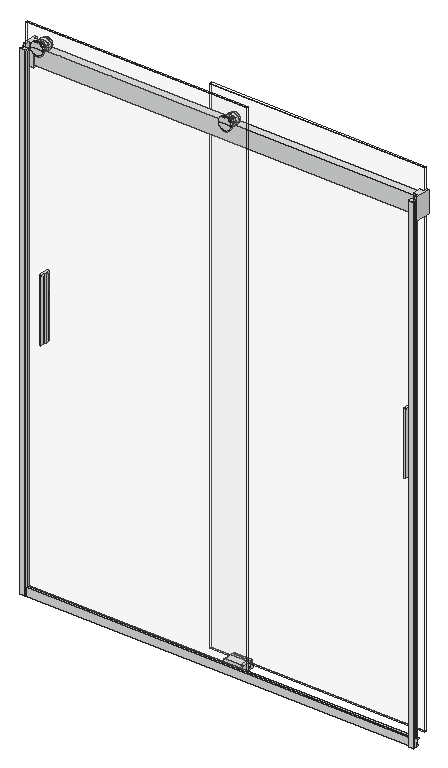
Revit family "Shower-Shower_Door-KOHLER-Levity-K-706012_1", category Specialty Equipment, host Face, Revit 2017 (continued)
Definition of nested family "K-706012"
  Automatic sketch dimensions
    Extrusion 8 sketch curve to Extrusion 8 sketch curve = 0.02007"
    Extrusion 8 sketch curve to plane 1 "Center (Front/Back)" = 1.53964"
    Extrusion 8 sketch curve to Extrusion 8 sketch curve = 0.0554"  (x2)
    Extrusion 8 sketch curve to plane 1 "Center (Front/Back)" = 0.16876"
    Extrusion 8 sketch curve to Extrusion 8 sketch curve = 0.05592"  (x2)
    Extrusion 8 sketch curve to Extrusion 8 sketch curve = 0.02714"  (x3)
    Extrusion 8 sketch curve to Extrusion 8 sketch curve = 0.02951"  (x2)
    Extrusion 8 sketch curve to Extrusion 8 sketch curve = 0.20353"  (x2)
    Extrusion 8 sketch curve to Extrusion 8 sketch curve = 0.20943"
    Extrusion 8 sketch curve to plane 1 "Center (Front/Back)" = 0.16817"
    Extrusion 8 sketch curve to Extrusion 8 sketch curve = 0.02647"
    Extrusion 8 sketch curve to plane 1 "Center (Front/Back)" = 1.53857"
    Extrusion 8 sketch curve to Extrusion 8 sketch curve = 0.03072"  (x2)
    Extrusion 8 sketch curve to Extrusion 8 sketch curve = 0.33508"  (x2)
    Extrusion 8 sketch curve to Extrusion 8 sketch curve = 0.33527"  (x2)
    Extrusion 8 sketch curve to plane 1 "Center (Front/Back)" = 0.62285"
    Extrusion 8 sketch curve to Extrusion 8 sketch curve = 0.01938"  (x2)
    Extrusion 8 sketch curve to plane 1 "Center (Front/Back)" = 1.08746"
    Extrusion 8 sketch curve to Extrusion 8 sketch curve = 0.01921"  (x2)
    plane 7 to Extrusion 8 sketch curve = 2.97884"
    Extrusion 8 sketch curve to Extrusion 8 sketch curve = 0.00211"
    Extrusion 8 sketch curve to Extrusion 8 sketch curve = 0.20883"
    Extrusion 8 sketch curve to plane 1 "Center (Front/Back)" = 1.97861"
    Extrusion 8 sketch curve to Extrusion 8 sketch curve = 0.02401"  (x3)
    Extrusion 8 sketch curve to Extrusion 8 sketch curve = 0.00238"  (x2)
    Extrusion 8 sketch curve to Extrusion 8 sketch curve = 0.00224"  (x2)
    Extrusion 8 sketch curve to Extrusion 8 sketch curve = 0.02268"
    Extrusion 8 sketch curve to Extrusion 8 sketch curve = 0.02171"
    Extrusion 8 sketch curve to Extrusion 8 sketch curve = 0.00377"  (x2)
    Extrusion 8 sketch curve to Extrusion 8 sketch curve = 0.45409"
    Extrusion 8 sketch curve to Extrusion 8 sketch curve = 0.00131"
    Extrusion 8 sketch curve to Extrusion 8 sketch curve = 0.42112"
    Extrusion 8 sketch curve to Extrusion 8 sketch curve = 0"
    Extrusion 8 sketch curve to Extrusion 8 sketch curve = 0.01935"
    Extrusion 8 sketch curve to Extrusion 8 sketch curve = 0.02022"
    Extrusion 8 sketch curve to Extrusion 8 sketch curve = 0.44969"
    Extrusion 8 sketch curve to Extrusion 8 sketch curve = 0.00122"
    plane 6 to Masking region 1 sketch curve = 0"
    Masking region 1 sketch curve to plane 12 = 0"
    Masking region 1 sketch curve to level = 0"
    Masking region 1 sketch curve to plane 6 = 0.32006"
    Masking region 1 sketch curve to Masking region 1 sketch curve = 0.31794"
    plane 13 to Masking region 1 sketch curve = 2.546"  (x2)
    Masking region 3 sketch curve to plane 6 = 0"  (x3)
    Masking region 3 sketch curve to plane 11 = 0"
    Masking region 3 sketch curve to Masking region 3 sketch curve = 0.20106"
    Masking region 3 sketch curve to plane 6 = 0.32006"  (x2)
    Masking region 3 sketch curve to Masking region 3 sketch curve = 0.119"
    Masking region 3 sketch curve to plane 1 "Center (Front/Back)" = 0.00143"
    Masking region 3 sketch curve to Masking region 3 sketch curve = 0.45878"
    Masking region 3 sketch curve to Masking region 3 sketch curve = 0.00281"
    Masking region 3 sketch curve to Masking region 3 sketch curve = 0.10717"
    Masking region 3 sketch curve to Masking region 3 sketch curve = 0.67"  (x3)
    Masking region 3 sketch curve to Masking region 3 sketch curve = 0.61675"
    Masking region 3 sketch curve to Masking region 3 sketch curve = 0.16769"
    Masking region 3 sketch curve to plane 1 "Center (Front/Back)" = 1.29143"
    Masking region 3 sketch curve to Masking region 3 sketch curve = 1.20786"
    Masking region 3 sketch curve to plane 1 "Center (Front/Back)" = 1.24575"
    Masking region 3 sketch curve to Masking region 3 sketch curve = 0.00561"
    Masking region 3 sketch curve to Masking region 3 sketch curve = 0.04536"
    plane 3 "Center (Left/Right)" to Masking region 3 sketch curve = 0.98"
    Masking region 3 sketch curve to plane 9 = 0.1928"
    Masking region 3 sketch curve to Masking region 3 sketch curve = 0.0402"  (x6)
    plane 9 to Masking region 3 sketch curve = 0.0313"
    plane 9 to Masking region 3 sketch curve = 0.08336"
    Masking region 3 sketch curve to Masking region 3 sketch curve = 0.16302"
    Masking region 3 sketch curve to Masking region 3 sketch curve = 1.10411"
    Masking region 3 sketch curve to Masking region 3 sketch curve = 0.10732"
    Masking region 3 sketch curve to Masking region 3 sketch curve = 0.15938"
    Masking region 3 sketch curve to Masking region 3 sketch curve = 0.34112"
    Masking region 3 sketch curve to Masking region 3 sketch curve = 0.23381"
    Masking region 3 sketch curve to Masking region 3 sketch curve = 0.18175"
    Masking region 3 sketch curve to Masking region 3 sketch curve = 0.00215"  (x2)
    Masking region 3 sketch curve to plane 11 = 1.11394"
    Masking region 3 sketch curve to plane 11 = 1.11044"
    Masking region 3 sketch curve to Masking region 3 sketch curve = 0"
    Masking region 3 sketch curve to Masking region 3 sketch curve = 2.24077"
    Masking region 3 sketch curve to Masking region 3 sketch curve = 0.02082"  (x2)
    Masking region 3 sketch curve to Masking region 3 sketch curve = 0.02593"  (x2)
    Masking region 3 sketch curve to Masking region 3 sketch curve = 0.2126"
    Masking region 3 sketch curve to Masking region 3 sketch curve = 0.04246"
    Masking region 3 sketch curve to Masking region 3 sketch curve = 0.64136"
    Masking region 3 sketch curve to Masking region 3 sketch curve = 0.05119"
    Masking region 3 sketch curve to Masking region 3 sketch curve = 0.24936"
    Masking region 3 sketch curve to Masking region 3 sketch curve = 0.00511"
    Masking region 3 sketch curve to plane 1 "Center (Front/Back)" = 0.00074"
    plane 7 to Masking region 3 sketch curve = 0.31794"
    Masking region 3 sketch curve to plane 1 "Center (Front/Back)" = 0.01796"
    Masking region 3 sketch curve to plane 1 "Center (Front/Back)" = 0.01871"
    Masking region 3 sketch curve to plane 1 "Center (Front/Back)" = 0.11355"
    Masking region 3 sketch curve to Masking region 3 sketch curve = 0.05498"
    Masking region 3 sketch curve to Masking region 3 sketch curve = 0.41"
    Masking region 3 sketch curve to Masking region 3 sketch curve = 0.09484"
    Masking region 3 sketch curve to Masking region 3 sketch curve = 0.10322"
    Masking region 3 sketch curve to Masking region 3 sketch curve = 0.05201"
    Masking region 3 sketch curve to Masking region 3 sketch curve = 0.04922"
    Masking region 3 sketch curve to plane 1 "Center (Front/Back)" = 0.87188"
    Masking region 3 sketch curve to plane 1 "Center (Front/Back)" = 1.04575"
    Masking region 3 sketch curve to Masking region 3 sketch curve = 0.2"  (x2)
    Masking region 3 sketch curve to Masking region 3 sketch curve = 0.36975"
    Masking region 3 sketch curve to Masking region 3 sketch curve = 0.15068"
    Masking region 3 sketch curve to Masking region 3 sketch curve = 0.16238"
    Masking region 3 sketch curve to Masking region 3 sketch curve = 0.08784"
    Masking region 3 sketch curve to Masking region 3 sketch curve = 0.04568"
    Masking region 3 sketch curve to Masking region 3 sketch curve = 0.24517"  (x4)
    Masking region 3 sketch curve to Masking region 3 sketch curve = 0.938"  (x2)
    Masking region 3 sketch curve to Masking region 3 sketch curve = 0.04517"  (x2)
    Masking region 3 sketch curve to Masking region 3 sketch curve = 0.10331"
    Masking region 3 sketch curve to Masking region 3 sketch curve = 0.01169"
    Masking region 3 sketch curve to Masking region 3 sketch curve = 0.37043"
    Masking region 3 sketch curve to Masking region 3 sketch curve = 0.00559"
    Masking region 3 sketch curve to Masking region 3 sketch curve = 0.381"  (x3)
    Masking region 3 sketch curve to Masking region 3 sketch curve = 0.25162"
    Masking region 3 sketch curve to Masking region 3 sketch curve = 0.293"  (x3)
    Masking region 3 sketch curve to Masking region 3 sketch curve = 0.04138"
    Masking region 3 sketch curve to Masking region 3 sketch curve = 0.02973"  (x2)
    Masking region 3 sketch curve to Masking region 3 sketch curve = 0.1266"  (x2)
    Masking region 3 sketch curve to Masking region 3 sketch curve = 0.15134"  (x2)
    curve 80 to plane 11 = 0"
    curve 90 to plane 7 = 0"
    curve 89 to plane 7 = 0"
    curve 95 to plane 7 = 0"
    curve 136 to plane 11 = 1.11289"
    curve 134 to curve 136 = 0.25968"
    curve 129 to curve 134 = 0"
    curve 148 to plane 1 "Center (Front/Back)" = 0.2049"
    curve 148 to plane 11 = 1.8051"
    curve 143 to curve 144 = 0.04016"
    curve 140 to curve 134 = 0.62451"
    curve 141 to curve 140 = 0"
    curve 157 to curve 160 = 0.02033"
    curve 157 to curve 139 = 0.00473"
    curve 166 to curve 160 = 0.03207"
    curve 158 to curve 157 = 0.04916"
    curve 160 to curve 140 = 0.25131"
    curve 159 to curve 160 = 1.00075"
    curve 138 to curve 159 = 0.16563"
    curve 142 to curve 159 = 0.20652"
    curve 155 to curve 156 = 0.05088"
    curve 139 to curve 155 = 0.00176"
    curve 141 to curve 142 = 0.03207"
    curve 140 to curve 139 = 0.02033"
    curve 129 to curve 138 = 0.18121"
    curve 134 to curve 138 = 0.18121"
    curve 164 to plane 1 "Center (Front/Back)" = 0.37175"
    curve 164 to curve 165 = 0.18389"
    curve 164 to plane 1 "Center (Front/Back)" = 0.33159"
    curve 164 to curve 143 = 0.04016"
    curve 132 to curve 133 = 0.26202"
    curve 56 to plane 1 "Center (Front/Back)" = 0.33159"
    curve 56 to plane 6 = 3.25736"
    curve 55 to curve 56 = 0.04016"
    curve 52 to curve 55 = 0.15182"
    curve 53 to curve 52 = 0"
    curve 69 to curve 52 = 0.02033"
    curve 69 to curve 51 = 0.00473"
    curve 70 to curve 70 = 0.04916"  (x2)
    curve 72 to curve 52 = 0.25131"
    curve 71 to curve 72 = 1.00075"
    curve 68 to curve 71 = 0.16563"
    curve 67 to curve 68 = 0.05088"
    curve 67 to curve 68 = 0.00176"
    curve 52 to curve 51 = 0.02033"
    curve 53 to curve 71 = 0.2386"
    curve 55 to plane 1 "Center (Front/Back)" = 0.37175"
    curve 55 to curve 53 = 0.15182"
    curve 56 to curve 55 = 0.04016"
    curve 46 to curve 56 = 0.61294"
    curve 45 to curve 45 = 27/256"
    curve 44 to curve 45 = 0.00276"
    curve 75 to plane 6 = 0.32006"
    curve 90 to plane 1 "Center (Front/Back)" = 0.63642"
    curve 60 to curve 56 = 0.12668"
    curve 46 to plane 1 "Center (Front/Back)" = 0.53029"
    curve 80 to plane 1 "Center (Front/Back)" = 0.66475"
    curve 48 to curve 75 = 0.381"
    curve 166 to curve 142 = 0.2"
    curve 64 to curve 53 = 0.70668"
    curve 142 to curve 141 = 0.12568"
    curve 162 to curve 160 = 0.18762"
    curve 73 to curve 71 = 0.18762"
    curve 159 to curve 139 = 0.03298"
    curve 71 to curve 67 = 0.03298"
    curve 51 to curve 68 = 0.25612"
    curve 139 to curve 156 = 0.25612"
    curve 156 to curve 155 = 0.00035"
    curve 68 to curve 67 = 0.00035"
    curve 158 to curve 158 = 0.04916"
    curve 138 to curve 134 = 0.2947"
    curve 134 to curve 132 = 0.04853"
    curve 134 to curve 129 = 0.67"
    curve 131 to curve 125 = 0.26212"
    curve 136 to curve 126 = 0.00244"
    curve 130 to curve 125 = 0"
    curve 136 to curve 124 = 0.00244"
    curve 160 to curve 163 = 0.88313"
    curve 49 to curve 163 = 0"
    curve 131 to curve 130 = 0.0143"
    curve 135 to curve 136 = 0.01186"
    curve 136 to curve 135 = 0"  (x2)
    curve 130 to curve 131 = 0"  (x2)
    curve 135 to curve 136 = 0"
    curve 131 to curve 130 = 0"
    curve 131 to curve 129 = 0.00234"
    curve 135 to curve 134 = 0.00234"
    curve 148 to plane 1 "Center (Front/Back)" = 0.16475"
    curve 148 to curve 145 = 0.04016"
    curve 152 to curve 143 = 0.24067"
    curve 163 to curve 142 = 0.16788"
    curve 154 to curve 160 = 0.28402"
    curve 159 to curve 153 = 0.29673"
    curve 161 to curve 159 = 0.03864"
    curve 143 to curve 76 = 0.24067"
    curve 146 to plane 1 "Center (Front/Back)" = 0.16475"
    curve 145 to curve 146 = 0.04016"
    curve 121 to curve 127 = 0.22212"
    curve 122 to curve 121 = 0"
    curve 132 to curve 133 = 0.01189"
    curve 127 to curve 122 = 0.02801"
    curve 132 to curve 133 = 0"  (x2)
    curve 128 to curve 127 = 0"  (x2)
    curve 133 to curve 132 = 0"
    curve 127 to curve 128 = 0"
    curve 126 to curve 132 = 0.00244"
    curve 124 to curve 132 = 0.01432"
    curve 125 to curve 128 = 0.01432"
    curve 167 to curve 159 = 0.37271"
    curve 128 to curve 127 = 0.0143"
    curve 119 to curve 126 = 0.18175"
    curve 123 to curve 128 = 0.23381"
    curve 117 to curve 125 = 0.23381"
    curve 120 to curve 119 = 0.15865"
    curve 118 to curve 120 = 0.00072"
    plane 9 to curve 118 = 0.19432"
    curve 120 to curve 118 = 0"
    plane 9 to curve 117 = 0.08336"
    plane 9 to curve 123 = 0.08336"
    plane 9 to curve 119 = 0.0313"
    curve 122 to plane 9 = 0.1928"
    curve 121 to curve 122 = 0"
    curve 60 to plane 1 "Center (Front/Back)" = 0.16475"
    curve 60 to curve 57 = 0.04016"
    curve 54 to curve 53 = 0.03207"
    curve 77 to curve 54 = 0.05096"
    curve 64 to curve 55 = 0.24067"
    curve 74 to curve 77 = 0.11692"
    curve 66 to curve 72 = 0.28402"
    curve 71 to curve 65 = 0.29673"
    curve 53 to curve 73 = 0.19996"
    curve 55 to curve 63 = 0.24067"
    curve 53 to curve 54 = 0.03207"
    curve 58 to plane 1 "Center (Front/Back)" = 0.16475"
    curve 57 to curve 58 = 0.04016"
    curve 43 to curve 68 = 0.60676"
    curve 44 to curve 75 = 0"
    curve 48 to curve 75 = 0"
    curve 82 to curve 88 = 2.24077"
    curve 81 to curve 82 = 0"
    curve 82 to curve 83 = 0.02082"
    curve 83 to curve 86 = 0.2126"
    curve 85 to curve 86 = 0"  (x2)
    curve 85 to curve 84 = 0.04246"
    curve 84 to curve 88 = 0.64136"
    curve 86 to curve 88 = 0.59017"
    curve 84 to curve 83 = 0.25447"
    curve 83 to curve 81 = 0.02082"
    curve 83 to curve 82 = 0.02082"
    curve 46 to plane 1 "Center (Front/Back)" = 0.16355"
    curve 94 to plane 1 "Center (Front/Back)" = 0.11355"
    curve 92 to plane 1 "Center (Front/Back)" = 0.10788"
    curve 151 to curve 76 = 0.14555"
    curve 47 to curve 45 = 0.013"
    curve 152 to curve 79 = 0.14555"
    curve 44 to curve 48 = 0.03797"
    curve 48 to curve 75 = 0.01125"
    curve 48 to curve 80 = 0.20714"
    curve 89 to curve 93 = 0.52043"
    curve 90 to curve 88 = 0.56717"
    curve 54 to curve 53 = 0.12568"
    curve 162 to curve 163 = 0.04568"
    curve 161 to curve 167 = 0.04568"
    curve 74 to curve 77 = 0.04568"
    curve 43 to curve 53 = 0.08"
    curve 86 to curve 85 = 0.24517"
    curve 118 to curve 132 = 0.20045"
    curve 124 to curve 132 = 0.20045"
    curve 68 to curve 43 = 0.19331"
    curve 118 to curve 120 = 0.04517"
    curve 86 to curve 88 = 0.09784"
    curve 132 to curve 132 = 0.03566"
    curve 136 to curve 136 = 0.03566"
    curve 88 to curve 87 = 0.14733"
    curve 136 to curve 126 = 0.04472"
    curve 120 to curve 119 = 0.2"
    curve 87 to curve 87 = 0.381"
    curve 125 to curve 127 = 0.19575"
    curve 117 to curve 125 = 0"
    curve 125 to curve 130 = 0.20862"
    curve 125 to curve 128 = 0.20862"
    curve 127 to curve 128 = 0.04277"
    curve 131 to curve 130 = 0.04277"
    curve 84 to curve 83 = 0.293"
    curve 128 to curve 123 = 0.04138"
    curve 83 to curve 82 = 0.02973"
    curve 123 to curve 122 = 0.0402"
    curve 122 to curve 121 = 0.1266"
    curve 82 to curve 81 = 0.15134"
    radius of curve 108 = 0.93731"
    radius of curve 109 = 15/16"
Types (6): name | Type | Model | Finish
  (no name) | 1 | "K-706012-L-SHP" | Kohler-Metal-SHP-Bright_Polished_Silver
  SHP-Bright Polished Silver | 1 | "K-706012-L-SHP" | Kohler-Metal-SHP-Bright_Polished_Silver
  ABV-Anodized Brushed Bronze | 3 | "K-706012-L-ABV" | Kohler-Metal-ABV-Anodized_Brushed_Bronze
  ABZ-Anodized Dark Bronze | 4 | "K-706012-L-ABZ" | Kohler-Metal-ABZ-Anodized_Dark_Bronze
  NX-Brushed Nickel | 2 | "K-706012-L-NX" | Kohler-Metal-NX-Brushed_Nickel
  BL-Matte Black | 5 | "K-706012-L-BL" | Kohler-Metal-BL-Matte_Black
